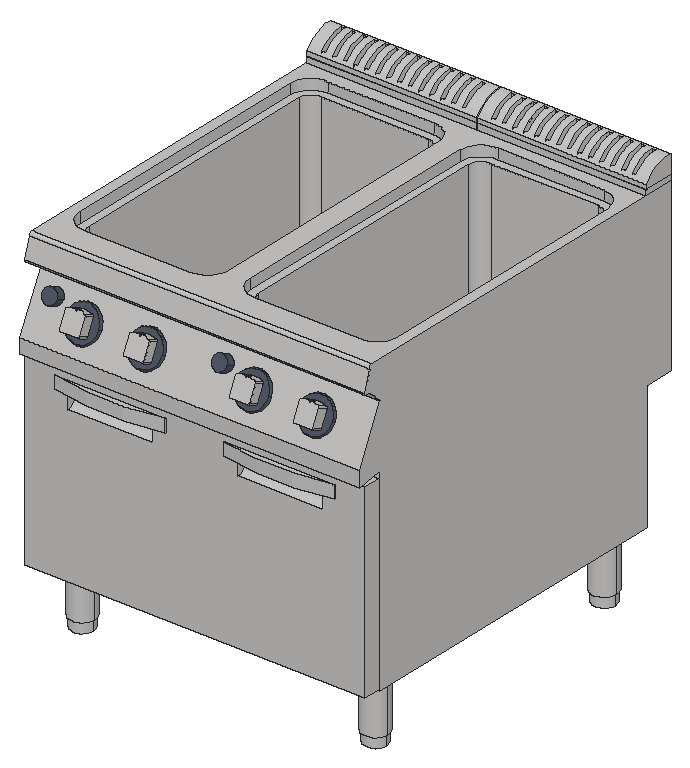
Revit family "QF_ZANUSSI_392112_Z9PCGH2MF0", category Specialty Equipment, Revit 2018
Family settings
  Round Connector Dimension = Use Diameter
  Part Type = Normal
  Work Plane-Based = No
  Always vertical = Yes
  Cut with Voids When Loaded = No
  Shared = No
  Room Calculation Point = No
Parameters
  Width = 800 mm  # constant formula
  Weight in Pounds = 115  # constant formula
  Weight = 0.00 kg
  Watts = 0 W
  Waste Water Discharge Temperature [instance] = -459.67 °F
  Volts = 0 V
  URL Manufacturer = "http://www.zanussiprofessional.com"
  URL Cutsheet = "www.electrolux.com/foodservice"
  URL = "http://www.zanussiprofessional.com"
  Type Mark [instance] = ""
  Steam Supply Size = 0"
  Steam Supply Minimum Pressure = 0.00 psi
  Steam Supply Maximum Pressure = 0.00 psi
  Steam Pounds per Hour = 0
  Status [instance] = ""
  Specification by User [instance] = ""
  Specification by Manufacturer = ""
  Show Logo [instance] = yes
  Show Clearance [instance] = yes
  Serial Number = ""
  Seismic Rating = ""
  SMACNA No = ""
  Revision Code [instance] = ""
  Refrigeration Suction Line Size = 0"
  Refrigeration Liquid Line Size = 0"
  Refrigerant Compressor Remote = yes
  Plumbing Remarks [instance] = ""
  Plumbing Connection Type [instance] = ""
  Phase = 0
  Omniclass Number and Title = ""
  NAFEM Spec ID Number = ""
  Model = "Z9PCGH2MF0"
  Mechanical Remarks [instance] = ""
  Mechanical Connection Type [instance] = ""
  Masterspec = ""
  Manufacturer = "Zanussi"
  Length Actual = 800 mm  # constant formula
  Item Number [instance] = "392112"
  Installed By [instance] = ""
  Indirect Waste Size = 1"
  Indirect Waste Flow [instance] = 0 GPM
  Indirect Waste Connection Type [instance] = ""
  Indirect Waste Connection Height = 0 mm
  Identify Quantity as Lot [instance] = yes
  Hot Water Size = 0"
  Height Actual = 850 mm  # constant formula
  Height = 850 mm  # constant formula
  HP = "0 HP"
  Gas Size = 1/2"
  Gas RI Height [instance] = 0 mm
  Gas KW = 33  # constant formula
  Gas Input = 112497.0 Btu/h  # constant formula
  Gas Connection Height = 0 mm
  Furnished By [instance] = ""
  Foodservice Equipment Identifier [instance] = yes
  Direct Waste Size = 1"
  Description = "GAS PASTA COOKER 2X40 LT WELLS"
  Depth Actual = 900 mm  # constant formula
  Depth = 915 mm  # constant formula
  Cycle = 0 Hz
  Condensate Return Size = 0"
  Compressed Air Volume = 0 GPM
  Compressed Air Size = 0"
  Compressed Air Pressure = 0.00 psi
  Cold Water Temperature Recommended [instance] = -459.67 °F
  Cold Water Size = 3/4"
  Cold Water RI Height [instance] = 0 mm
  Cold Water Minimum Pressure = 0.00 psi
  Cold Water Maximum Pressure = 0.00 psi
  Cold Water Flow [instance] = 0 GPM
  Cold Water Consumption = ""
  Cold Water Connection Height = 0 mm
  CSI MasterFormat = ""
  CSI Master Format = ""
  Base Height [instance] = 150 mm  # constant formula
  Accessory = yes
Reference planes
  plane 1 "BACK": y = 0
  plane 2: z = 0
  plane 3 "LEFT": x = 0
  plane 4 "RIGHT": x = 800
  plane 5 "FRONT": y = -915
  plane 6 "TOP": z = 908
  plane 7 "Center Y": x = 400
  plane 8 "Center X": y = -457.5
  plane 9 "BASE": z = 600
  plane 10 "TOP A": z = 850
  plane 11: z = 150
  plane 12: y = -126
  plane 13: y = -800
  plane 14: y = -1273
  plane 15: x = 755
  plane 16: x = 232
  plane 17: x = 65
  plane 18: x = 737
  plane 19: x = 633
  plane 20: x = 55
  plane 21: x = 745
  plane 22: y = -900
Forms (mm)
  Extrusion 1, solid, material "QF_Finishes_Stainless Steel"
    sketch origin (0, 0, 0) x (0, 1, 0) y (0, 0, 1)
      loop
        line (0, 450.038) -> (0, 850) -> (-879.358, 850)
        arc (-879.358, 850) -> (-884.643, 847.811) -> (-886.833, 842.526) r 7.474
        line (-886.833, 842.526) -> (-899.884, 797.011)
        arc (-899.884, 797.011) -> (-899.396, 794.379) -> (-897, 793.184) r 3
        line (-897, 793.184) -> (-886.802, 793.184) -> (-854.982, 761.364) -> (-915, 640.508) -> (-915, 605.508) -> (-858.645, 613.428)
        arc (-858.645, 613.428) -> (-856.101, 612.674) -> (-855, 610.259) r 3.2
        line (-855, 610.259) -> (-855, 150) -> (-71.437, 150) -> (-71.437, 450.038) -> (0, 450.038)
      loop
        line (-900, 600) -> (-900, 155) -> (-860, 155) -> (-860, 600) -> (-900, 600)
    from 0 to 800
  Extrusion 2, solid, material "QF_Clearances", visible <- "Show Clearance", detail levels coarse
    sketch origin (0, 0, 0) x (1, 0, 0) y (0, 1, 0)
      loop
        line (0, -915) -> (0, 0) -> (800, 0) -> (800, -915) -> (950.019, -915) -> (950.019, 150.019) -> (-150.019, 150.019) -> (-150.019, -915) -> (0, -915)
    from 0 to 908
  Extrusion 3, solid, material "QF_Finishes_Stainless Steel"
    sketch origin (200, 0, 0) x (0, 1, 0) y (0, 0, 1)
      loop
        line (-71.89, 862.9) -> (-71.89, 850) -> (0, 850) -> (0, 862.9) -> (-71.89, 862.9)
    from -200 to 200
  Extrusion 4, solid, material "QF_Finishes_Stainless Steel"
    sketch origin (0, 0, 574.263) x (0, 1, 0) y (0, 0, 1)
      loop
        line (0, 288.637) -> (0, 333.737)
        arc (0, 333.737) -> (-39.584, 325.765) -> (-69.85, 299.037) r 77.853
        line (-69.85, 299.037) -> (-69.85, 288.637) -> (0, 288.637)
    from 0 to 400
  Extrusion 5, void
    sketch origin (0, 0, 848.9) x (0, -1, 0) y (1, 0, 0)
      loop
        line (6.761, 29.703) -> (63.911, 29.703) -> (63.911, 38.999) -> (6.761, 38.999) -> (6.761, 29.703)
      loop
        line (63.911, 64.487) -> (6.761, 64.487) -> (6.761, 55.191) -> (63.911, 55.191) -> (63.911, 64.487)
      loop
        line (63.911, 89.975) -> (6.761, 89.975) -> (6.761, 80.68) -> (63.911, 80.68) -> (63.911, 89.975)
      loop
        line (63.911, 115.464) -> (6.761, 115.464) -> (6.761, 106.168) -> (63.911, 106.168) -> (63.911, 115.464)
      loop
        line (63.911, 140.952) -> (6.761, 140.952) -> (6.761, 131.656) -> (63.911, 131.656) -> (63.911, 140.952)
      loop
        line (63.911, 166.44) -> (6.761, 166.44) -> (6.761, 157.145) -> (63.911, 157.145) -> (63.911, 166.44)
      loop
        line (63.911, 191.929) -> (6.761, 191.929) -> (6.761, 182.633) -> (63.911, 182.633) -> (63.911, 191.929)
      loop
        line (63.911, 217.417) -> (6.761, 217.417) -> (6.761, 208.121) -> (63.911, 208.121) -> (63.911, 217.417)
      loop
        line (63.911, 242.905) -> (6.761, 242.905) -> (6.761, 233.61) -> (63.911, 233.61) -> (63.911, 242.905)
      loop
        line (63.911, 268.394) -> (6.761, 268.394) -> (6.761, 259.098) -> (63.911, 259.098) -> (63.911, 268.394)
      loop
        line (63.911, 293.882) -> (6.761, 293.882) -> (6.761, 284.586) -> (63.911, 284.586) -> (63.911, 293.882)
      loop
        line (63.911, 319.37) -> (6.761, 319.37) -> (6.761, 310.075) -> (63.911, 310.075) -> (63.911, 319.37)
      loop
        line (63.911, 344.859) -> (6.761, 344.859) -> (6.761, 335.563) -> (63.911, 335.563) -> (63.911, 344.859)
      loop
        line (63.911, 370.347) -> (6.761, 370.347) -> (6.761, 361.051) -> (63.911, 361.051) -> (63.911, 370.347)
    from 25.4 to 63.5
  Extrusion 6, solid, material "QF_Finishes_Stainless Steel"
    sketch origin (600, 0, 0) x (0, 1, 0) y (0, 0, -1)
      loop
        line (-71.89, -862.9) -> (0, -862.9) -> (0, -850) -> (-71.89, -850) -> (-71.89, -862.9)
    from -200 to 200
  Extrusion 7, solid, material "QF_Finishes_Stainless Steel"
    sketch origin (800, 0, 574.263) x (0, 1, 0) y (0, 0, -1)
      loop
        line (0, -288.637) -> (-69.85, -288.637) -> (-69.85, -299.037)
        arc (-69.85, -299.037) -> (-39.584, -325.765) -> (0, -333.738) r 77.853
        line (0, -333.738) -> (0, -288.637)
    from 0 to 400
  Extrusion 8, void
    sketch origin (800, 0, 848.9) x (0, -1, 0) y (1, 0, 0)
      loop
        line (6.761, -29.703) -> (6.761, -38.999) -> (63.911, -38.999) -> (63.911, -29.703) -> (6.761, -29.703)
      loop
        line (63.911, -64.487) -> (63.911, -55.191) -> (6.761, -55.191) -> (6.761, -64.487) -> (63.911, -64.487)
      loop
        line (63.911, -89.975) -> (63.911, -80.68) -> (6.761, -80.68) -> (6.761, -89.975) -> (63.911, -89.975)
      loop
        line (63.911, -115.464) -> (63.911, -106.168) -> (6.761, -106.168) -> (6.761, -115.464) -> (63.911, -115.464)
      loop
        line (63.911, -140.952) -> (63.911, -131.656) -> (6.761, -131.656) -> (6.761, -140.952) -> (63.911, -140.952)
      loop
        line (63.911, -166.44) -> (63.911, -157.145) -> (6.761, -157.145) -> (6.761, -166.44) -> (63.911, -166.44)
      loop
        line (63.911, -191.929) -> (63.911, -182.633) -> (6.761, -182.633) -> (6.761, -191.929) -> (63.911, -191.929)
      loop
        line (63.911, -217.417) -> (63.911, -208.121) -> (6.761, -208.121) -> (6.761, -217.417) -> (63.911, -217.417)
      loop
        line (63.911, -242.905) -> (63.911, -233.61) -> (6.761, -233.61) -> (6.761, -242.905) -> (63.911, -242.905)
      loop
        line (63.911, -268.394) -> (63.911, -259.098) -> (6.761, -259.098) -> (6.761, -268.394) -> (63.911, -268.394)
      loop
        line (63.911, -293.882) -> (63.911, -284.586) -> (6.761, -284.586) -> (6.761, -293.882) -> (63.911, -293.882)
      loop
        line (63.911, -319.37) -> (63.911, -310.075) -> (6.761, -310.075) -> (6.761, -319.37) -> (63.911, -319.37)
      loop
        line (63.911, -344.859) -> (63.911, -335.563) -> (6.761, -335.563) -> (6.761, -344.859) -> (63.911, -344.859)
      loop
        line (63.911, -370.347) -> (63.911, -361.051) -> (6.761, -361.051) -> (6.761, -370.347) -> (63.911, -370.347)
    from 25.4 to 63.5
  Extrusion 9, void
    sketch origin (0, 0, 791) x (1, 0, 0) y (0, 1, 0)
      loop
        line (75, -800) -> (325, -800)
        arc (325, -800) -> (346.213, -791.213) -> (355, -770) r 30
        line (355, -770) -> (355, -606.643)
        arc (355, -606.643) -> (346.213, -627.856) -> (325, -636.643) r 30
        line (325, -636.643) -> (75, -636.643)
        arc (75, -636.643) -> (53.787, -627.856) -> (45, -606.643) r 30
        line (45, -606.643) -> (45, -770)
        arc (45, -770) -> (53.787, -791.213) -> (75, -800) r 30
    from 35 to -189.237
  Extrusion 10, void
    sketch origin (0, 0, 791) x (0, 1, 0) y (-1, 0, 0)
      loop
        arc (-121.89, -75) -> (-130.677, -53.787) -> (-151.89, -45) r 30
        line (-151.89, -45) -> (-606.643, -45)
        arc (-606.643, -45) -> (-627.856, -53.787) -> (-636.643, -75) r 30
        line (-636.643, -75) -> (-636.643, -325)
        arc (-636.643, -325) -> (-627.856, -346.213) -> (-606.643, -355) r 30
        line (-606.643, -355) -> (-151.89, -355)
        arc (-151.89, -355) -> (-130.677, -346.213) -> (-121.89, -325) r 30
        line (-121.89, -325) -> (-121.89, -75)
    from 35 to -339.237
  Extrusion 11, solid, material "QF_Finishes_Stainless Steel"
    sketch origin (0, 0, 0) x (1, 0, 0) y (0, 1, 0)
      loop
        circle (232, -780) r 12.7
    from 176 to 292.788
  Extrusion 12, solid, material "QF_Finishes_Stainless Steel"
    sketch origin (-72.372, 89.372, 0) x (1, 0, 0) y (0, 1, 0)
      loop
        circle (137.372, -792.372) r 6.35
    from 190 to 292.788
  Extrusion 13, solid, material "QF_Finishes_Stainless Steel"
    sketch origin (552.628, 92.372, 0) x (1, 0, 0) y (0, 1, 0)
      loop
        circle (184.372, -792.372) r 9.525
    from 200 to 331.575
  Extrusion 14, solid, material "QF_Finishes_Stainless Steel"
    sketch origin (800, 0, 0) x (-1, 0, 0) y (0, -1, 0)
      loop
        circle (167, 780) r 12.7
    from 176 to 292.788
  Extrusion 15, void
    sketch origin (0, 0, 851) x (-1, 0, 0) y (0, -1, 0)
      loop
        arc (-75, 101.89) -> (-39.645, 116.535) -> (-25, 151.89) r 50
        line (-25, 151.89) -> (-25, 770)
        arc (-25, 770) -> (-39.645, 805.355) -> (-75, 820) r 50
        line (-75, 820) -> (-325, 820)
        arc (-325, 820) -> (-360.355, 805.355) -> (-375, 770) r 50
        line (-375, 770) -> (-375, 151.89)
        arc (-375, 151.89) -> (-360.355, 116.535) -> (-325, 101.89) r 50
        line (-325, 101.89) -> (-75, 101.89)
    from 0 to -25
  Revolve 16, solid, material "QF_Finishes_Stainless Steel"
    sketch origin (-1, -126, 608.09) x (0, 0, 1) y (-1, 0, 0)
      loop
        line (-608.09, -56) -> (-458.09, -56) -> (-458.09, -26) -> (-583.09, -26) -> (-583.09, -29.75) -> (-608.09, -29.75) -> (-608.09, -56)
      axis (-608.09, -56) -> (-458.09, -56)
    angle from 0 to 360
  Revolve 17, solid, material "QF_Finishes_Stainless Steel"
    sketch origin (-1, -800, 608.09) x (0, 0, 1) y (1, 0, 0)
      loop
        line (-608.09, 56) -> (-608.09, 29.75) -> (-583.09, 29.75) -> (-583.09, 26) -> (-458.09, 26) -> (-458.09, 56) -> (-608.09, 56)
      axis (-608.09, 56) -> (-458.09, 56)
    angle from 0 to 360
  Revolve 18, solid, material "QF_Finishes_Stainless Steel"
    sketch origin (801, -126, 608.09) x (0, 0, 1) y (-1, 0, 0)
      loop
        line (-608.09, 56) -> (-608.09, 29.75) -> (-583.09, 29.75) -> (-583.09, 26) -> (-458.09, 26) -> (-458.09, 56) -> (-608.09, 56)
      axis (-608.09, 56) -> (-458.09, 56)
    angle from 0 to 360
  Revolve 19, solid, material "QF_Finishes_Stainless Steel"
    sketch origin (801, -800, 608.09) x (0, 0, 1) y (1, 0, 0)
      loop
        line (-608.09, -56) -> (-458.09, -56) -> (-458.09, -26) -> (-583.09, -26) -> (-583.09, -29.75) -> (-608.09, -29.75) -> (-608.09, -56)
      axis (-608.09, -56) -> (-458.09, -56)
    angle from 0 to 360
  Extrusion 20, solid, material "QF_Plastic-Black-Matte"
    sketch origin (67.5, -884.991, 700.936) x (0, 0.439631, 0.898178) y (0, 0.898178, -0.439631)
      loop
        line (26.984, -34) -> (23.984, -34) -> (23.984, -35) -> (26.984, -35)
        arc (26.984, -35) -> (27.691, -34.707) -> (27.984, -34) r 1
        line (27.984, -34) -> (27.984, -19) -> (26.984, -19) -> (26.984, -34)
    from -58.5 to -56.5
  Extrusion 21, solid, material "QF_Finishes_Stainless Steel"
    sketch origin (125, -884.991, 700.936) x (-1, 0, 0) y (0, -0.439631, -0.898178)
      loop
        line (17.5, -17.5) -> (17.5, 17.5) -> (-17.5, 17.5) -> (-17.5, -17.5) -> (17.5, -17.5)
    from 5 to 10
  Extrusion 22, solid, material "QF_Finishes_Stainless Steel"
    sketch origin (125, -884.991, 700.936) x (-1, 0, 0) y (0, -0.439631, -0.898178)
      loop
        arc (-21.147, -22.789) -> (0, -26.984) -> (21.147, -22.789) r 55.4
        arc (21.147, -22.789) -> (22.494, -21.685) -> (23, -20.019) r 2.997
        line (23, -20.019) -> (23, 20.019)
        arc (23, 20.019) -> (22.122, 22.138) -> (20.003, 23.016) r 2.997
        line (20.003, 23.016) -> (-20.003, 23.016)
        arc (-20.003, 23.016) -> (-22.122, 22.138) -> (-23, 20.019) r 2.997
        line (-23, 20.019) -> (-23, -20.019)
        arc (-23, -20.019) -> (-22.494, -21.685) -> (-21.147, -22.789) r 2.997
    from 10 to 34
  Blend 23, solid, material "QF_Finishes_Navy Blue"
    base sketch origin (125, -884.991, 700.936) x (1, 0, 0) y (0, 0.439631, 0.898178)
      loop
        circle (0, 0) r 42.5
    top sketch origin (125, -884.991, 700.936) x (1, 0, 0) y (0, 0.439631, 0.898178)
      loop
        circle (0, 0) r 40.5
    from 0 to 5
  Extrusion 24, solid, material "QF_Finishes_Navy Blue"
    sketch origin (107.51, -872.359, 726.743) x (1, 0, 0) y (0, 0.439631, 0.898178)
      loop
        circle (-55.001, 0) r 18
    from 3 to 23
  Extrusion 25, solid, material "QF_Finishes_Stainless Steel"
    sketch origin (-31.491, -872.359, 726.743) x (1, 0, 0) y (0, 0.439631, 0.898178)
      loop
        circle (84, 0) r 15
    from 3 to 0
  Extrusion 26, solid, material "QF_Plastic-Black-Matte"
    sketch origin (217.5, -884.991, 700.936) x (0, 0.439631, 0.898178) y (0, 0.898178, -0.439631)
      loop
        line (26.984, -34) -> (23.984, -34) -> (23.984, -35) -> (26.984, -35)
        arc (26.984, -35) -> (27.691, -34.707) -> (27.984, -34) r 1
        line (27.984, -34) -> (27.984, -19) -> (26.984, -19) -> (26.984, -34)
    from -58.5 to -56.5
  Extrusion 27, solid, material "QF_Finishes_Stainless Steel"
    sketch origin (275, -884.991, 700.936) x (-1, 0, 0) y (0, -0.439631, -0.898178)
      loop
        line (17.5, -17.5) -> (17.5, 17.5) -> (-17.5, 17.5) -> (-17.5, -17.5) -> (17.5, -17.5)
    from 5 to 10
  Extrusion 28, solid, material "QF_Finishes_Stainless Steel"
    sketch origin (275, -884.991, 700.936) x (-1, 0, 0) y (0, -0.439631, -0.898178)
      loop
        arc (-21.147, -22.789) -> (0, -26.984) -> (21.147, -22.789) r 55.4
        arc (21.147, -22.789) -> (22.494, -21.685) -> (23, -20.019) r 2.997
        line (23, -20.019) -> (23, 20.019)
        arc (23, 20.019) -> (22.122, 22.138) -> (20.003, 23.016) r 2.997
        line (20.003, 23.016) -> (-20.003, 23.016)
        arc (-20.003, 23.016) -> (-22.122, 22.138) -> (-23, 20.019) r 2.997
        line (-23, 20.019) -> (-23, -20.019)
        arc (-23, -20.019) -> (-22.494, -21.685) -> (-21.147, -22.789) r 2.997
    from 10 to 34
  Blend 29, solid, material "QF_Finishes_Navy Blue"
    base sketch origin (275, -884.991, 700.936) x (1, 0, 0) y (0, 0.439631, 0.898178)
      loop
        circle (0, 0) r 42.5
    top sketch origin (275, -884.991, 700.936) x (1, 0, 0) y (0, 0.439631, 0.898178)
      loop
        circle (0, 0) r 40.5
    from 0 to 5
  Extrusion 30, solid, material "QF_Plastic-Black-Matte"
    sketch origin (467.5, -884.991, 700.936) x (0, 0.439631, 0.898178) y (0, 0.898178, -0.439631)
      loop
        line (26.984, -34) -> (23.984, -34) -> (23.984, -35) -> (26.984, -35)
        arc (26.984, -35) -> (27.691, -34.707) -> (27.984, -34) r 1
        line (27.984, -34) -> (27.984, -19) -> (26.984, -19) -> (26.984, -34)
    from -58.5 to -56.5
  Extrusion 31, solid, material "QF_Finishes_Stainless Steel"
    sketch origin (525, -884.991, 700.936) x (-1, 0, 0) y (0, -0.439631, -0.898178)
      loop
        line (17.5, -17.5) -> (17.5, 17.5) -> (-17.5, 17.5) -> (-17.5, -17.5) -> (17.5, -17.5)
    from 5 to 10
  Extrusion 32, solid, material "QF_Finishes_Stainless Steel"
    sketch origin (525, -884.991, 700.936) x (-1, 0, 0) y (0, -0.439631, -0.898178)
      loop
        arc (-21.147, -22.789) -> (0, -26.984) -> (21.147, -22.789) r 55.4
        arc (21.147, -22.789) -> (22.494, -21.685) -> (23, -20.019) r 2.997
        line (23, -20.019) -> (23, 20.019)
        arc (23, 20.019) -> (22.122, 22.138) -> (20.003, 23.016) r 2.997
        line (20.003, 23.016) -> (-20.003, 23.016)
        arc (-20.003, 23.016) -> (-22.122, 22.138) -> (-23, 20.019) r 2.997
        line (-23, 20.019) -> (-23, -20.019)
        arc (-23, -20.019) -> (-22.494, -21.685) -> (-21.147, -22.789) r 2.997
    from 10 to 34
  Blend 33, solid, material "QF_Finishes_Navy Blue"
    base sketch origin (525, -884.991, 700.936) x (1, 0, 0) y (0, 0.439631, 0.898178)
      loop
        circle (0, 0) r 42.5
    top sketch origin (525, -884.991, 700.936) x (1, 0, 0) y (0, 0.439631, 0.898178)
      loop
        circle (0, 0) r 40.5
    from 0 to 5
  Extrusion 34, solid, material "QF_Plastic-Black-Matte"
    sketch origin (617.5, -884.991, 700.936) x (0, 0.439631, 0.898178) y (0, 0.898178, -0.439631)
      loop
        line (26.984, -34) -> (23.984, -34) -> (23.984, -35) -> (26.984, -35)
        arc (26.984, -35) -> (27.691, -34.707) -> (27.984, -34) r 1
        line (27.984, -34) -> (27.984, -19) -> (26.984, -19) -> (26.984, -34)
    from -58.5 to -56.5
  Extrusion 35, solid, material "QF_Finishes_Stainless Steel"
    sketch origin (675, -884.991, 700.936) x (-1, 0, 0) y (0, -0.439631, -0.898178)
      loop
        line (17.5, -17.5) -> (17.5, 17.5) -> (-17.5, 17.5) -> (-17.5, -17.5) -> (17.5, -17.5)
    from 5 to 10
  Extrusion 36, solid, material "QF_Finishes_Stainless Steel"
    sketch origin (675, -884.991, 700.936) x (-1, 0, 0) y (0, -0.439631, -0.898178)
      loop
        arc (-21.147, -22.789) -> (0, -26.984) -> (21.147, -22.789) r 55.4
        arc (21.147, -22.789) -> (22.494, -21.685) -> (23, -20.019) r 2.997
        line (23, -20.019) -> (23, 20.019)
        arc (23, 20.019) -> (22.122, 22.138) -> (20.003, 23.016) r 2.997
        line (20.003, 23.016) -> (-20.003, 23.016)
        arc (-20.003, 23.016) -> (-22.122, 22.138) -> (-23, 20.019) r 2.997
        line (-23, 20.019) -> (-23, -20.019)
        arc (-23, -20.019) -> (-22.494, -21.685) -> (-21.147, -22.789) r 2.997
    from 10 to 34
  Blend 37, solid, material "QF_Finishes_Navy Blue"
    base sketch origin (675, -884.991, 700.936) x (1, 0, 0) y (0, 0.439631, 0.898178)
      loop
        circle (0, 0) r 42.5
    top sketch origin (675, -884.991, 700.936) x (1, 0, 0) y (0, 0.439631, 0.898178)
      loop
        circle (0, 0) r 40.5
    from 0 to 5
  Extrusion 38, solid, material "QF_Finishes_Navy Blue"
    sketch origin (507.51, -872.359, 726.743) x (1, 0, 0) y (0, 0.439631, 0.898178)
      loop
        circle (-55.001, 0) r 18
    from 3 to 23
  Extrusion 39, solid, material "QF_Finishes_Stainless Steel"
    sketch origin (368.509, -872.359, 726.743) x (1, 0, 0) y (0, 0.439631, 0.898178)
      loop
        circle (84, 0) r 15
    from 3 to 0
  Extrusion 40, void
    sketch origin (200, -227.863, 0) x (0, 1, 0) y (0, 0, 1)
      loop
        line (-672.137, 567) -> (-672.137, 517)
        arc (-672.137, 517) -> (-656.47, 524.721) -> (-650.137, 541) r 24.091
        line (-650.137, 541) -> (-650.137, 567) -> (-672.137, 567)
    from -100 to 100
  Extrusion 41, solid, material "QF_Finishes_Stainless Steel"
    sketch origin (-77.88, -4772, 150) x (-1, 0, 0) y (0, -1, 0)
      loop
        arc (-147.606, -3871.085) -> (-277.88, -3857) -> (-408.153, -3871.085) r 609.497
        line (-408.153, -3871.085) -> (-408.153, -3872) -> (-147.606, -3872) -> (-147.606, -3871.085)
    from 400 to 430
  Extrusion 42, void
    sketch origin (600, -227.863, 0) x (0, 1, 0) y (0, 0, 1)
      loop
        line (-672.137, 567) -> (-672.137, 517)
        arc (-672.137, 517) -> (-656.47, 524.721) -> (-650.137, 541) r 24.091
        line (-650.137, 541) -> (-650.137, 567) -> (-672.137, 567)
    from -100 to 100
  Extrusion 43, solid, material "QF_Finishes_Stainless Steel"
    sketch origin (322.12, -4772, 150) x (-1, 0, 0) y (0, -1, 0)
      loop
        arc (-147.606, -3871.085) -> (-277.88, -3857) -> (-408.153, -3871.085) r 609.497
        line (-408.153, -3871.085) -> (-408.153, -3872) -> (-147.606, -3872) -> (-147.606, -3871.085)
    from 400 to 430
  Extrusion 44, solid, material "QF_Finishes_Door Clearance", visible <- "Show Clearance", detail levels coarse
    sketch origin (0, -200, 850) x (-1, 0, 0) y (0, -1, 0)
      loop
        arc (0, 1073) -> (-280.596, 964.46) -> (-397.87, 687.4) r 385.701
        line (-397.87, 687.4) -> (0, 687.4) -> (0, 1073)
      loop
        line (-800, 1073) -> (-800, 687.4) -> (-402.13, 687.4)
        arc (-402.13, 687.4) -> (-519.404, 964.46) -> (-800, 1073) r 385.701
    from -695 to -250
  Extrusion 45, void
    sketch origin (800, 0, 791) x (-1, 0, 0) y (0, -1, 0)
      loop
        arc (75, 800) -> (53.787, 791.213) -> (45, 770) r 30
        line (45, 770) -> (45, 606.643)
        arc (45, 606.643) -> (53.787, 627.856) -> (75, 636.643) r 30
        line (75, 636.643) -> (325, 636.643)
        arc (325, 636.643) -> (346.213, 627.856) -> (355, 606.643) r 30
        line (355, 606.643) -> (355, 770)
        arc (355, 770) -> (346.213, 791.213) -> (325, 800) r 30
        line (325, 800) -> (75, 800)
    from 35 to -189.237
  Extrusion 46, void
    sketch origin (800, 0, 791) x (0, -1, 0) y (1, 0, 0)
      loop
        line (121.89, -75) -> (121.89, -325)
        arc (121.89, -325) -> (130.677, -346.213) -> (151.89, -355) r 30
        line (151.89, -355) -> (606.643, -355)
        arc (606.643, -355) -> (627.856, -346.213) -> (636.643, -325) r 30
        line (636.643, -325) -> (636.643, -75)
        arc (636.643, -75) -> (627.856, -53.787) -> (606.643, -45) r 30
        line (606.643, -45) -> (151.89, -45)
        arc (151.89, -45) -> (130.677, -53.787) -> (121.89, -75) r 30
    from 35 to -339.237
  Extrusion 47, void
    sketch origin (800, 0, 851) x (1, 0, 0) y (0, 1, 0)
      loop
        line (-75, -101.89) -> (-325, -101.89)
        arc (-325, -101.89) -> (-360.355, -116.535) -> (-375, -151.89) r 50
        line (-375, -151.89) -> (-375, -770)
        arc (-375, -770) -> (-360.355, -805.355) -> (-325, -820) r 50
        line (-325, -820) -> (-75, -820)
        arc (-75, -820) -> (-39.645, -805.355) -> (-25, -770) r 50
        line (-25, -770) -> (-25, -151.89)
        arc (-25, -151.89) -> (-39.645, -116.535) -> (-75, -101.89) r 50
    from 0 to -25
Cuts and joins
  Extrusion 9, Extrusion 10, Extrusion 15, Extrusion 40, Extrusion 42, Extrusion 45, Extrusion 46, Extrusion 47 cuts Extrusion 1
  Extrusion 5, Extrusion 8 cuts Extrusion 4
  Extrusion 8 cuts Extrusion 7
Lines and regions (mm)
  Split face 1
    outline origin (125, -889.482, 703.134) x (1, 0, 0) y (0, 0.439631, 0.898178)
      loop
        circle (0, 34.714) r 1.714
  Split face 2
    outline origin (125, -889.482, 703.134) x (1, 0, 0) y (0, 0.439631, 0.898178)
      loop
        circle (-17.357, 30.063) r 2
  Split face 3
    outline origin (125, -889.482, 703.134) x (1, 0, 0) y (0, 0.439631, 0.898178)
      loop
        circle (17.357, 30.063) r 2
  Split face 4
    outline origin (125, -889.482, 703.134) x (1, 0, 0) y (0, 0.439631, 0.898178)
      loop
        line (-23.985, -28.584) -> (-20.542, -24.481)
        arc (-20.542, -24.481) -> (-27.511, -15.911) -> (-31.231, -5.511) r 32.719
        line (-31.231, -5.511) -> (-37.141, -6.549)
        arc (-37.141, -6.549) -> (-32.568, -18.764) -> (-23.985, -28.584) r 36.411
  Split face 5
    outline origin (125, -889.482, 703.134) x (1, 0, 0) y (0, 0.439631, 0.898178)
      loop
        arc (20.441, -26.163) -> (0.211, -32.559) -> (-19.689, -25.201) r 32.719
        line (-19.689, -25.201) -> (-22.952, -29.377)
        arc (-22.952, -29.377) -> (-0.277, -36.495) -> (21.959, -28.107) r 36.411
        line (21.959, -28.107) -> (20.441, -26.163)
  Split face 6
    outline origin (125, -889.482, 703.134) x (1, 0, 0) y (0, 0.439631, 0.898178)
      loop
        line (21.361, -25.457) -> (22.903, -27.295)
        arc (22.903, -27.295) -> (31.935, -14.958) -> (35.104, 0) r 36.411
        line (35.104, 0) -> (33.714, 0)
        arc (33.714, 0) -> (30.431, -14.133) -> (21.361, -25.457) r 32.719
  Split face 7
    outline origin (125, -889.482, 703.134) x (1, 0, 0) y (0, 0.439631, 0.898178)
      loop
        arc (-37.695, 1.149) -> (-34.899, -3.19) -> (-31.619, 0.795) r 3.195
        line (-31.619, 0.795) -> (-32.379, 3.751)
        arc (-32.379, 3.751) -> (-34.462, 5.448) -> (-36.693, 3.952) r 2.258
        line (-36.693, 3.952) -> (-37.695, 1.149)
  Split face 8
    outline origin (275, -889.482, 703.134) x (1, 0, 0) y (0, 0.439631, 0.898178)
      loop
        arc (-0.521, 36.501) -> (-26.491, 26.394) -> (-37.708, 0.884) r 36.411
        line (-37.708, 0.884) -> (-31.708, 0.884)
        arc (-31.708, 0.884) -> (-21.998, 23.844) -> (-0.521, 36.501) r 39.733
  Split face 9
    outline origin (525, -889.482, 703.134) x (1, 0, 0) y (0, 0.439631, 0.898178)
      loop
        circle (0, 34.714) r 1.714
  Split face 10
    outline origin (525, -889.482, 703.134) x (1, 0, 0) y (0, 0.439631, 0.898178)
      loop
        circle (-17.357, 30.063) r 2
  Split face 11
    outline origin (525, -889.482, 703.134) x (1, 0, 0) y (0, 0.439631, 0.898178)
      loop
        circle (17.357, 30.063) r 2
  Split face 12
    outline origin (525, -889.482, 703.134) x (1, 0, 0) y (0, 0.439631, 0.898178)
      loop
        line (-23.985, -28.584) -> (-20.542, -24.481)
        arc (-20.542, -24.481) -> (-27.511, -15.911) -> (-31.231, -5.511) r 32.719
        line (-31.231, -5.511) -> (-37.141, -6.549)
        arc (-37.141, -6.549) -> (-32.568, -18.764) -> (-23.985, -28.584) r 36.411
  Split face 13
    outline origin (525, -889.482, 703.134) x (1, 0, 0) y (0, 0.439631, 0.898178)
      loop
        arc (20.441, -26.163) -> (0.211, -32.559) -> (-19.689, -25.201) r 32.719
        line (-19.689, -25.201) -> (-22.952, -29.377)
        arc (-22.952, -29.377) -> (-0.277, -36.495) -> (21.959, -28.107) r 36.411
        line (21.959, -28.107) -> (20.441, -26.163)
  Split face 14
    outline origin (525, -889.482, 703.134) x (1, 0, 0) y (0, 0.439631, 0.898178)
      loop
        line (21.361, -25.457) -> (22.903, -27.295)
        arc (22.903, -27.295) -> (31.935, -14.958) -> (35.104, 0) r 36.411
        line (35.104, 0) -> (33.714, 0)
        arc (33.714, 0) -> (30.431, -14.133) -> (21.361, -25.457) r 32.719
  Split face 15
    outline origin (525, -889.482, 703.134) x (1, 0, 0) y (0, 0.439631, 0.898178)
      loop
        arc (-37.695, 1.149) -> (-34.899, -3.19) -> (-31.619, 0.795) r 3.195
        line (-31.619, 0.795) -> (-32.379, 3.751)
        arc (-32.379, 3.751) -> (-34.462, 5.448) -> (-36.693, 3.952) r 2.258
        line (-36.693, 3.952) -> (-37.695, 1.149)
  Split face 16
    outline origin (675, -889.482, 703.134) x (1, 0, 0) y (0, 0.439631, 0.898178)
      loop
        arc (-0.521, 36.501) -> (-26.491, 26.394) -> (-37.708, 0.884) r 36.411
        line (-37.708, 0.884) -> (-31.708, 0.884)
        arc (-31.708, 0.884) -> (-21.998, 23.844) -> (-0.521, 36.501) r 39.733
  symbolic lines, style "QF_Clearances", visible <- "Show Clearance", detail levels coarse
    curve 1: line (-150.019, 150.019, 850) -> (-150.019, -916.377, 850)
    curve 2: line (950.019, 150.019, 850) -> (-150.019, 150.019, 850)
    curve 6: line (950.019, 150.019, 850) -> (950.019, -916.377, 850)
  symbolic lines
    curve 3: line (0, -915, 850) -> (0, 0, 850)
    curve 4: line (0, -71.89, 850) -> (400, -71.89, 850)
    curve 5: line (0, 0, 850) -> (400, 0, 850)
    curve 7: line (800, -915.439, 850) -> (800, 0, 850)
    curve 8: line (800, -71.89, 850) -> (400, -71.89, 850)
    curve 9: line (800, 0, 850) -> (400, 0, 850)
    curve 12: line (38.999, -63.911, 850) -> (29.703, -63.911, 850)
    curve 13: line (38.999, -6.761, 850) -> (38.999, -63.911, 850)
    curve 14: line (29.703, -6.761, 850) -> (38.999, -6.761, 850)
    curve 15: line (29.703, -63.911, 850) -> (29.703, -6.761, 850)
    curve 16: line (64.487, -63.911, 850) -> (55.191, -63.911, 850)
    curve 17: line (64.487, -6.761, 850) -> (64.487, -63.911, 850)
    curve 18: line (55.191, -6.761, 850) -> (64.487, -6.761, 850)
    curve 19: line (55.191, -63.911, 850) -> (55.191, -6.761, 850)
    curve 20: line (89.975, -63.911, 850) -> (80.68, -63.911, 850)
    curve 21: line (89.975, -6.761, 850) -> (89.975, -63.911, 850)
    curve 22: line (80.68, -6.761, 850) -> (89.975, -6.761, 850)
    curve 23: line (80.68, -63.911, 850) -> (80.68, -6.761, 850)
    curve 24: line (115.464, -63.911, 850) -> (106.168, -63.911, 850)
    curve 25: line (115.464, -6.761, 850) -> (115.464, -63.911, 850)
    curve 26: line (106.168, -6.761, 850) -> (115.464, -6.761, 850)
    curve 27: line (106.168, -63.911, 850) -> (106.168, -6.761, 850)
    curve 28: line (140.952, -63.911, 850) -> (131.656, -63.911, 850)
    curve 29: line (140.952, -6.761, 850) -> (140.952, -63.911, 850)
    curve 30: line (131.656, -6.761, 850) -> (140.952, -6.761, 850)
    curve 31: line (131.656, -63.911, 850) -> (131.656, -6.761, 850)
    curve 32: line (166.44, -63.911, 850) -> (157.145, -63.911, 850)
    curve 33: line (166.44, -6.761, 850) -> (166.44, -63.911, 850)
    curve 34: line (157.145, -6.761, 850) -> (166.44, -6.761, 850)
    curve 35: line (157.145, -63.911, 850) -> (157.145, -6.761, 850)
    curve 36: line (191.929, -63.911, 850) -> (182.633, -63.911, 850)
    curve 37: line (191.929, -6.761, 850) -> (191.929, -63.911, 850)
    curve 38: line (182.633, -6.761, 850) -> (191.929, -6.761, 850)
    curve 39: line (182.633, -63.911, 850) -> (182.633, -6.761, 850)
    curve 40: line (217.417, -63.911, 850) -> (208.121, -63.911, 850)
    curve 41: line (217.417, -6.761, 850) -> (217.417, -63.911, 850)
    curve 42: line (208.121, -6.761, 850) -> (217.417, -6.761, 850)
    curve 43: line (208.121, -63.911, 850) -> (208.121, -6.761, 850)
    curve 44: line (242.905, -63.911, 850) -> (233.61, -63.911, 850)
    curve 45: line (242.905, -6.761, 850) -> (242.905, -63.911, 850)
    curve 46: line (233.61, -6.761, 850) -> (242.905, -6.761, 850)
    curve 47: line (233.61, -63.911, 850) -> (233.61, -6.761, 850)
    curve 48: line (268.394, -63.911, 850) -> (259.098, -63.911, 850)
    curve 49: line (268.394, -6.761, 850) -> (268.394, -63.911, 850)
    curve 50: line (259.098, -6.761, 850) -> (268.394, -6.761, 850)
    curve 51: line (259.098, -63.911, 850) -> (259.098, -6.761, 850)
    curve 52: line (293.882, -63.911, 850) -> (284.586, -63.911, 850)
    curve 53: line (293.882, -6.761, 850) -> (293.882, -63.911, 850)
    curve 54: line (284.586, -6.761, 850) -> (293.882, -6.761, 850)
    curve 55: line (284.586, -63.911, 850) -> (284.586, -6.761, 850)
    curve 56: line (319.37, -63.911, 850) -> (310.075, -63.911, 850)
    curve 57: line (319.37, -6.761, 850) -> (319.37, -63.911, 850)
    curve 58: line (310.075, -6.761, 850) -> (319.37, -6.761, 850)
    curve 59: line (310.075, -63.911, 850) -> (310.075, -6.761, 850)
    curve 60: line (344.859, -63.911, 850) -> (335.563, -63.911, 850)
    curve 61: line (344.859, -6.761, 850) -> (344.859, -63.911, 850)
    curve 62: line (335.563, -6.761, 850) -> (344.859, -6.761, 850)
    curve 63: line (335.563, -63.911, 850) -> (335.563, -6.761, 850)
    curve 64: line (370.347, -63.911, 850) -> (361.051, -63.911, 850)
    curve 65: line (370.347, -6.761, 850) -> (370.347, -63.911, 850)
    curve 66: line (361.051, -6.761, 850) -> (370.347, -6.761, 850)
    curve 67: line (361.051, -63.911, 850) -> (361.051, -6.761, 850)
    curve 68: line (761.001, -63.911, 850) -> (770.297, -63.911, 850)
    curve 69: line (761.001, -6.761, 850) -> (761.001, -63.911, 850)
    curve 70: line (770.297, -6.761, 850) -> (761.001, -6.761, 850)
    curve 71: line (770.297, -63.911, 850) -> (770.297, -6.761, 850)
    curve 72: line (735.513, -63.911, 850) -> (744.809, -63.911, 850)
    curve 73: line (735.513, -6.761, 850) -> (735.513, -63.911, 850)
    curve 74: line (744.809, -6.761, 850) -> (735.513, -6.761, 850)
    curve 75: line (744.809, -63.911, 850) -> (744.809, -6.761, 850)
    curve 76: line (710.025, -63.911, 850) -> (719.32, -63.911, 850)
    curve 77: line (710.025, -6.761, 850) -> (710.025, -63.911, 850)
    curve 78: line (719.32, -6.761, 850) -> (710.025, -6.761, 850)
    curve 79: line (719.32, -63.911, 850) -> (719.32, -6.761, 850)
    curve 80: line (684.536, -63.911, 850) -> (693.832, -63.911, 850)
    curve 81: line (684.536, -6.761, 850) -> (684.536, -63.911, 850)
    curve 82: line (693.832, -6.761, 850) -> (684.536, -6.761, 850)
    curve 83: line (693.832, -63.911, 850) -> (693.832, -6.761, 850)
    curve 84: line (659.048, -63.911, 850) -> (668.344, -63.911, 850)
    curve 85: line (659.048, -6.761, 850) -> (659.048, -63.911, 850)
    curve 86: line (668.344, -6.761, 850) -> (659.048, -6.761, 850)
    curve 87: line (668.344, -63.911, 850) -> (668.344, -6.761, 850)
    curve 88: line (633.56, -63.911, 850) -> (642.855, -63.911, 850)
    curve 89: line (633.56, -6.761, 850) -> (633.56, -63.911, 850)
    curve 90: line (642.855, -6.761, 850) -> (633.56, -6.761, 850)
    curve 91: line (642.855, -63.911, 850) -> (642.855, -6.761, 850)
    curve 92: line (608.071, -63.911, 850) -> (617.367, -63.911, 850)
    curve 93: line (608.071, -6.761, 850) -> (608.071, -63.911, 850)
    curve 94: line (617.367, -6.761, 850) -> (608.071, -6.761, 850)
    curve 95: line (617.367, -63.911, 850) -> (617.367, -6.761, 850)
    curve 96: line (582.583, -63.911, 850) -> (591.879, -63.911, 850)
    curve 97: line (582.583, -6.761, 850) -> (582.583, -63.911, 850)
    curve 98: line (591.879, -6.761, 850) -> (582.583, -6.761, 850)
    curve 99: line (591.879, -63.911, 850) -> (591.879, -6.761, 850)
    curve 100: line (557.095, -63.911, 850) -> (566.39, -63.911, 850)
    curve 101: line (557.095, -6.761, 850) -> (557.095, -63.911, 850)
    curve 102: line (566.39, -6.761, 850) -> (557.095, -6.761, 850)
    curve 103: line (566.39, -63.911, 850) -> (566.39, -6.761, 850)
    curve 104: line (531.606, -63.911, 850) -> (540.902, -63.911, 850)
    curve 105: line (531.606, -6.761, 850) -> (531.606, -63.911, 850)
    curve 106: line (540.902, -6.761, 850) -> (531.606, -6.761, 850)
    curve 107: line (540.902, -63.911, 850) -> (540.902, -6.761, 850)
    curve 108: line (506.118, -63.911, 850) -> (515.414, -63.911, 850)
    curve 109: line (506.118, -6.761, 850) -> (506.118, -63.911, 850)
    curve 110: line (515.414, -6.761, 850) -> (506.118, -6.761, 850)
    curve 111: line (515.414, -63.911, 850) -> (515.414, -6.761, 850)
    curve 112: line (480.63, -63.911, 850) -> (489.925, -63.911, 850)
    curve 113: line (480.63, -6.761, 850) -> (480.63, -63.911, 850)
    curve 114: line (489.925, -6.761, 850) -> (480.63, -6.761, 850)
    curve 115: line (489.925, -63.911, 850) -> (489.925, -6.761, 850)
    curve 116: line (455.141, -63.911, 850) -> (464.437, -63.911, 850)
    curve 117: line (455.141, -6.761, 850) -> (455.141, -63.911, 850)
    curve 118: line (464.437, -6.761, 850) -> (455.141, -6.761, 850)
    curve 119: line (464.437, -63.911, 850) -> (464.437, -6.761, 850)
    curve 120: line (429.653, -63.911, 850) -> (438.949, -63.911, 850)
    curve 121: line (429.653, -6.761, 850) -> (429.653, -63.911, 850)
    curve 122: line (438.949, -6.761, 850) -> (429.653, -6.761, 850)
    curve 123: line (438.949, -63.911, 850) -> (438.949, -6.761, 850)
    curve 124: line (25, -770, 850) -> (25, -151.89, 850)
    curve 125: arc (25, -151.89, 850) -> (39.645, -116.535, 850) -> (75, -101.89, 850) r 50
    curve 126: arc (325, -101.89, 850) -> (360.355, -116.535, 850) -> (375, -151.89, 850) r 50
    curve 127: line (375, -151.89, 850) -> (375, -770, 850)
    curve 128: arc (375, -770, 850) -> (360.355, -805.355, 850) -> (325, -820, 850) r 50
    curve 129: line (325, -820, 850) -> (75, -820, 850)
    curve 130: arc (75, -820, 850) -> (39.645, -805.355, 850) -> (25, -770, 850) r 50
    curve 131: line (45, -770, 850) -> (45, -151.89, 850)
    curve 132: arc (45, -151.89, 850) -> (53.787, -130.677, 850) -> (75, -121.89, 850) r 30
    curve 133: line (75, -121.89, 850) -> (325, -121.89, 850)
    curve 134: arc (325, -121.89, 850) -> (346.213, -130.677, 850) -> (355, -151.89, 850) r 30
    curve 135: line (355, -151.89, 850) -> (355, -770, 850)
    curve 136: arc (355, -770, 850) -> (346.213, -791.213, 850) -> (325, -800, 850) r 30
    curve 137: line (325, -800, 850) -> (75, -800, 850)
    curve 138: arc (75, -800, 850) -> (53.787, -791.213, 850) -> (45, -770, 850) r 30
    curve 139: line (75, -636.643, 850) -> (325, -636.643, 850)
    curve 140: arc (45, -606.643, 850) -> (53.787, -627.856, 850) -> (75, -636.643, 850) r 30
    curve 141: arc (325, -636.643, 850) -> (346.213, -627.856, 850) -> (355, -606.643, 850) r 30
    curve 142: line (425, -770, 850) -> (425, -151.89, 850)
    curve 143: arc (425, -151.89, 850) -> (439.645, -116.535, 850) -> (475, -101.89, 850) r 50
    curve 144: arc (725, -101.89, 850) -> (760.355, -116.535, 850) -> (775, -151.89, 850) r 50
    curve 145: line (775, -151.89, 850) -> (775, -770, 850)
    curve 146: arc (775, -770, 850) -> (760.355, -805.355, 850) -> (725, -820, 850) r 50
    curve 147: line (725, -820, 850) -> (475, -820, 850)
    curve 148: arc (475, -820, 850) -> (439.645, -805.355, 850) -> (425, -770, 850) r 50
    curve 149: line (445, -770, 850) -> (445, -151.89, 850)
    curve 150: arc (445, -151.89, 850) -> (453.787, -130.677, 850) -> (475, -121.89, 850) r 30
    curve 151: line (475, -121.89, 850) -> (725, -121.89, 850)
    curve 152: arc (725, -121.89, 850) -> (746.213, -130.677, 850) -> (755, -151.89, 850) r 30
    curve 153: line (755, -151.89, 850) -> (755, -770, 850)
    curve 154: arc (755, -770, 850) -> (746.213, -791.213, 850) -> (725, -800, 850) r 30
    curve 155: line (725, -800, 850) -> (475, -800, 850)
    curve 156: arc (475, -800, 850) -> (453.787, -791.213, 850) -> (445, -770, 850) r 30
    curve 157: line (475, -636.643, 850) -> (725, -636.643, 850)
    curve 158: arc (445, -606.643, 850) -> (453.787, -627.856, 850) -> (475, -636.643, 850) r 30
    curve 159: arc (725, -636.643, 850) -> (746.213, -627.856, 850) -> (755, -606.643, 850) r 30
    curve 160: line (0, -899.968, 0) -> (800, -899.968, 0)
    curve 161: line (102, -899.968, 0) -> (102, -924.314, 0)
    curve 162: arc (102, -924.314, 0) -> (102.146, -924.778, 0) -> (102.532, -925.074, 0) r 0.809
    curve 163: arc (102.532, -925.074, 0) -> (103.72, -925.555, 0) -> (104.997, -925.648, 0) r 4.127
    curve 164: arc (102, -904.26, 0) -> (96.959, -902.426, 0) -> (92.191, -899.968, 0) r 42.24
    curve 165: arc (102, -906.507, 0) -> (102.502, -905.785, 0) -> (103.299, -905.416, 0) r 1.682
    curve 166: arc (103.299, -905.416, 0) -> (113.602, -903.918, 0) -> (124, -903.409, 0) r 109.079
    curve 167: line (124, -899.968, 0) -> (124, -905.639, 0)
    curve 168: line (124, -905.639, 0) -> (126, -905.639, 0)
    curve 169: line (126, -905.639, 0) -> (126, -899.968, 0)
    curve 170: line (148, -899.968, 0) -> (148, -924.314, 0)
    curve 171: arc (148, -924.314, 0) -> (147.854, -924.778, 0) -> (147.468, -925.074, 0) r 0.809
    curve 172: arc (147.468, -925.074, 0) -> (146.28, -925.555, 0) -> (145.003, -925.648, 0) r 4.127
    curve 173: arc (148, -904.26, 0) -> (153.041, -902.426, 0) -> (157.809, -899.968, 0) r 42.24
    curve 174: arc (148, -906.507, 0) -> (147.498, -905.785, 0) -> (146.701, -905.416, 0) r 1.682
    curve 175: arc (146.701, -905.416, 0) -> (136.398, -903.918, 0) -> (126, -903.409, 0) r 109.079
    curve 176: line (104.997, -925.648, 0) -> (145.003, -925.648, 0)
    curve 177: line (298, -899.968, 0) -> (298, -924.314, 0)
    curve 178: arc (298, -924.314, 0) -> (297.854, -924.778, 0) -> (297.468, -925.074, 0) r 0.809
    curve 179: arc (297.468, -925.074, 0) -> (296.28, -925.555, 0) -> (295.003, -925.648, 0) r 4.127
    curve 180: arc (298, -904.26, 0) -> (303.041, -902.426, 0) -> (307.809, -899.968, 0) r 42.24
    curve 181: arc (298, -906.507, 0) -> (297.498, -905.785, 0) -> (296.701, -905.416, 0) r 1.682
    curve 182: arc (296.701, -905.416, 0) -> (286.398, -903.918, 0) -> (276, -903.409, 0) r 109.079
    curve 183: line (276, -899.968, 0) -> (276, -905.639, 0)
    curve 184: line (276, -905.639, 0) -> (274, -905.639, 0)
    curve 185: line (274, -905.639, 0) -> (274, -899.968, 0)
    curve 186: line (252, -899.968, 0) -> (252, -924.314, 0)
    curve 187: arc (252, -924.314, 0) -> (252.146, -924.778, 0) -> (252.532, -925.074, 0) r 0.809
    curve 188: arc (252.532, -925.074, 0) -> (253.72, -925.555, 0) -> (254.997, -925.648, 0) r 4.127
    curve 189: arc (252, -904.26, 0) -> (246.959, -902.426, 0) -> (242.191, -899.968, 0) r 42.24
    curve 190: arc (252, -906.507, 0) -> (252.502, -905.785, 0) -> (253.299, -905.416, 0) r 1.682
    curve 191: arc (253.299, -905.416, 0) -> (263.602, -903.918, 0) -> (274, -903.409, 0) r 109.079
    curve 192: line (295.003, -925.648, 0) -> (254.997, -925.648, 0)
    curve 193: line (148, -914.968, 0) -> (252, -914.968, 0)
    curve 194: line (298, -914.968, 0) -> (502, -914.968, 0)
    curve 195: line (0, -914.968, 0) -> (102, -914.968, 0)
    curve 196: line (502, -899.968, 0) -> (502, -924.314, 0)
    curve 197: arc (502, -924.314, 0) -> (502.146, -924.778, 0) -> (502.532, -925.074, 0) r 0.809
    curve 198: arc (502.532, -925.074, 0) -> (503.72, -925.555, 0) -> (504.997, -925.648, 0) r 4.127
    curve 199: arc (502, -904.26, 0) -> (496.959, -902.426, 0) -> (492.191, -899.968, 0) r 42.24
    curve 200: arc (502, -906.507, 0) -> (502.502, -905.785, 0) -> (503.299, -905.416, 0) r 1.682
    curve 201: arc (503.299, -905.416, 0) -> (513.602, -903.918, 0) -> (524, -903.409, 0) r 109.079
    curve 202: line (524, -899.968, 0) -> (524, -905.639, 0)
    curve 203: line (524, -905.639, 0) -> (526, -905.639, 0)
    curve 204: line (526, -905.639, 0) -> (526, -899.968, 0)
    curve 205: line (548, -899.968, 0) -> (548, -924.314, 0)
    curve 206: arc (548, -924.314, 0) -> (547.854, -924.778, 0) -> (547.468, -925.074, 0) r 0.809
    curve 207: arc (547.468, -925.074, 0) -> (546.28, -925.555, 0) -> (545.003, -925.648, 0) r 4.127
    curve 208: arc (548, -904.26, 0) -> (553.041, -902.426, 0) -> (557.809, -899.968, 0) r 42.24
    curve 209: arc (548, -906.507, 0) -> (547.498, -905.785, 0) -> (546.701, -905.416, 0) r 1.682
    curve 210: arc (546.701, -905.416, 0) -> (536.398, -903.918, 0) -> (526, -903.409, 0) r 109.079
    curve 211: line (504.997, -925.648, 0) -> (545.003, -925.648, 0)
    curve 212: line (698, -899.968, 0) -> (698, -924.314, 0)
    curve 213: arc (698, -924.314, 0) -> (697.854, -924.778, 0) -> (697.468, -925.074, 0) r 0.809
    curve 214: arc (697.468, -925.074, 0) -> (696.28, -925.555, 0) -> (695.003, -925.648, 0) r 4.127
    curve 215: arc (698, -904.26, 0) -> (703.041, -902.426, 0) -> (707.809, -899.968, 0) r 42.24
    curve 216: arc (698, -906.507, 0) -> (697.498, -905.785, 0) -> (696.701, -905.416, 0) r 1.682
    curve 217: arc (696.701, -905.416, 0) -> (686.398, -903.918, 0) -> (676, -903.409, 0) r 109.079
    curve 218: line (676, -899.968, 0) -> (676, -905.639, 0)
    curve 219: line (676, -905.639, 0) -> (674, -905.639, 0)
    curve 220: line (674, -905.639, 0) -> (674, -899.968, 0)
    curve 221: line (652, -899.968, 0) -> (652, -924.314, 0)
    curve 222: arc (652, -924.314, 0) -> (652.146, -924.778, 0) -> (652.532, -925.074, 0) r 0.809
    curve 223: arc (652.532, -925.074, 0) -> (653.72, -925.555, 0) -> (654.997, -925.648, 0) r 4.127
    curve 224: arc (652, -904.26, 0) -> (646.959, -902.426, 0) -> (642.191, -899.968, 0) r 42.24
    curve 225: arc (652, -906.507, 0) -> (652.502, -905.785, 0) -> (653.299, -905.416, 0) r 1.682
    curve 226: arc (653.299, -905.416, 0) -> (663.602, -903.918, 0) -> (674, -903.409, 0) r 109.079
    curve 227: line (695.003, -925.648, 0) -> (654.997, -925.648, 0)
    curve 228: line (548, -914.968, 0) -> (652, -914.968, 0)
    curve 229: line (698, -914.968, 0) -> (800, -914.968, 0)
    curve 232: line (325, -101.89, 0) -> (75, -101.89, 0)
    curve 233: line (725, -101.89, 0) -> (475, -101.89, 0)
  symbolic lines, style "QF_Door-Drawer Clearances"
    curve 10: line (469.989, -1105.99, 850) -> (800, -915.439, 850)
    curve 11: line (330.226, -1105.676, 850) -> (0, -915, 850)
    curve 230: arc (396.89, -914.968, 0) -> (376.266, -1014.764, 0) -> (330.226, -1105.676, 0) r 385.701
    curve 231: arc (403.11, -914.968, 0) -> (423.797, -1014.944, 0) -> (469.989, -1105.99, 0) r 385.701
Dimensions and locks
  equal spacing: plane 3 "LEFT", plane 7 "Center Y", plane 4 "RIGHT"
  "Width": plane 3 "LEFT" to plane 4 "RIGHT"
  equal spacing: plane 5 "FRONT", plane 8 "Center X", plane 1 "BACK"
  "Depth": plane 5 "FRONT" to plane 1 "BACK"
  plane 1 "BACK" to plane 5 "FRONT" = 915 mm
  "Base Height": plane 11 to level
  plane 11 to level = 150 mm
  plane 1 "BACK" to plane 12 = 126 mm
  plane 12 to plane 13 = 674 mm
  plane 5 "FRONT" to plane 1 "BACK" = 915 mm
  plane 4 "RIGHT" to plane 3 "LEFT" = 800 mm
  plane 5 "FRONT" to plane 14 = 358 mm
  curve 1 to plane 3 "LEFT" = 150.019 mm
  plane 4 "RIGHT" to curve 6 = 150.019 mm
  plane 1 "BACK" to curve 2 = 150.019 mm
  plane 15 to plane 4 "RIGHT" = 45 mm  (x2)
  "Height": plane 10 "TOP A" to level
  plane 6 "TOP" to level = 908 mm
  plane 3 "LEFT" to plane 17 = 65 mm
  plane 3 "LEFT" to plane 16 = 232 mm
  plane 19 to plane 4 "RIGHT" = 167 mm
  plane 18 to plane 4 "RIGHT" = 63 mm
  Extrusion 12 to plane 1 "BACK" = 703 mm
  Extrusion 11 to plane 1 "BACK" = 780 mm
  Extrusion 14 to plane 1 "BACK" = 780 mm
  Extrusion 13 to plane 1 "BACK" = 700 mm
  plane 21 to plane 4 "RIGHT" = 55 mm
  plane 20 to plane 21 = 690 mm
  plane 20 to plane 3 "LEFT" = 55 mm
  plane 1 "BACK" to Extrusion 13 = 700 mm
  plane 1 "BACK" to Extrusion 12 = 703 mm
  plane 1 "BACK" to Extrusion 11 = 780 mm
  plane 10 "TOP A" to plane 11 = 700 mm
  plane 9 "BASE" to plane 11 = 450 mm
  plane 10 "TOP A" to plane 9 "BASE" = 250 mm
  plane 22 to Extrusion 2 = 15 mm
  aligned and locked: level to plane 2
Automatic sketch dimensions
  Extrusion 1 sketch curve to plane 5 "FRONT" = 0 mm
  Extrusion 1 sketch curve to plane 9 "BASE" = 0 mm
  Extrusion 1 sketch curve to plane 10 "TOP A" = 0 mm
  Extrusion 1 sketch curve to plane 11 = 0 mm
  Extrusion 1 sketch curve to plane 1 "BACK" = 0 mm
  Extrusion 1 sketch curve to plane 5 "FRONT" = 15 mm
  Extrusion 1 sketch curve to plane 5 "FRONT" = 15.116 mm
  Extrusion 1 sketch curve to Extrusion 1 sketch curve = 2.884 mm
  Extrusion 1 sketch curve to plane 10 "TOP A" = 7.474 mm
  Extrusion 1 sketch curve to plane 5 "FRONT" = 28.167 mm
  Extrusion 1 sketch curve to Extrusion 1 sketch curve = 10.198 mm
  Extrusion 1 sketch curve to Extrusion 1 sketch curve = 40 mm
  plane 9 "BASE" to Extrusion 1 sketch curve = 13.428 mm
  Extrusion 1 sketch curve to Extrusion 1 sketch curve = 1.355 mm
  Extrusion 1 sketch curve to Extrusion 1 sketch curve = 0.445 mm
  Extrusion 1 sketch curve to Extrusion 1 sketch curve = 5 mm
  Extrusion 1 sketch curve to Extrusion 1 sketch curve = 31.82 mm
  Extrusion 1 sketch curve to plane 12 = 54.563 mm
  plane 11 to Extrusion 1 sketch curve = 5 mm
  Extrusion 1 sketch curve to plane 9 "BASE" = 149.962 mm
  plane 9 "BASE" to Extrusion 1 sketch curve = 5.508 mm
  Extrusion 1 sketch curve to Extrusion 1 sketch curve = 35 mm
  Extrusion 1 sketch curve to Extrusion 1 sketch curve = 81.162 mm
  Extrusion 1 sketch curve to Extrusion 1 sketch curve = 49.342 mm
  Extrusion 1 sketch curve to Extrusion 1 sketch curve = 3 mm
  plane 5 "FRONT" to Extrusion 2 sketch curve = 0 mm  (x2)
  plane 1 "BACK" to Extrusion 2 sketch curve = 0 mm
  Extrusion 2 sketch curve to plane 3 "LEFT" = 0 mm
  Extrusion 2 sketch curve to plane 4 "RIGHT" = 0 mm
  Extrusion 2 sketch curve to plane 3 "LEFT" = 150.019 mm
  plane 4 "RIGHT" to Extrusion 2 sketch curve = 150.019 mm
  Extrusion 2 sketch curve to plane 1 "BACK" = 150.019 mm
  Extrusion 3 sketch curve to plane 10 "TOP A" = 0 mm
  Extrusion 3 sketch curve to plane 1 "BACK" = 0 mm
  plane 10 "TOP A" to Extrusion 3 sketch curve = 12.9 mm
  Extrusion 3 sketch curve to plane 12 = 54.11 mm
  Extrusion 4 sketch curve to plane 1 "BACK" = 0 mm
  Extrusion 4 sketch curve to plane 6 "TOP" = 0 mm
  plane 1 "BACK" to Extrusion 4 sketch curve = 4.947 mm
  plane 10 "TOP A" to Extrusion 4 sketch curve = 23.3 mm
  plane 1 "BACK" to Extrusion 4 sketch curve = 69.85 mm
  plane 10 "TOP A" to Extrusion 4 sketch curve = 12.9 mm
  plane 1 "BACK" to Extrusion 5 sketch curve = 6.761 mm  (x14)
  plane 17 to Extrusion 5 sketch curve = 0.513 mm
  Extrusion 5 sketch curve to plane 16 = 1.61 mm
  plane 16 to Extrusion 5 sketch curve = 14.583 mm
  Extrusion 5 sketch curve to Extrusion 5 sketch curve = 57.15 mm
  Extrusion 5 sketch curve to Extrusion 5 sketch curve = 0 mm  (x13)
  Extrusion 5 sketch curve to plane 16 = 10.905 mm
  plane 20 to Extrusion 5 sketch curve = 0.191 mm
  Extrusion 5 sketch curve to plane 20 = 16.001 mm
  Extrusion 5 sketch curve to Extrusion 5 sketch curve = 9.296 mm  (x12)
  Extrusion 5 sketch curve to plane 17 = 15.68 mm
  Extrusion 5 sketch curve to Extrusion 5 sketch curve = 16.193 mm  (x9)
  Extrusion 6 sketch curve to plane 10 "TOP A" = 0 mm
  Extrusion 6 sketch curve to plane 1 "BACK" = 0 mm
  plane 10 "TOP A" to Extrusion 6 sketch curve = 12.9 mm
  Extrusion 6 sketch curve to plane 12 = 54.11 mm
  Extrusion 7 sketch curve to plane 1 "BACK" = 0 mm
  Extrusion 7 sketch curve to plane 6 "TOP" = 0 mm
  plane 1 "BACK" to Extrusion 7 sketch curve = 4.947 mm
  plane 10 "TOP A" to Extrusion 7 sketch curve = 23.3 mm
  plane 1 "BACK" to Extrusion 7 sketch curve = 69.85 mm
  plane 10 "TOP A" to Extrusion 7 sketch curve = 12.9 mm
  plane 1 "BACK" to Extrusion 8 sketch curve = 6.761 mm  (x14)
  plane 18 to Extrusion 8 sketch curve = 1.487 mm
  Extrusion 8 sketch curve to plane 19 = 0.56 mm
  Extrusion 8 sketch curve to Extrusion 8 sketch curve = 57.15 mm
  Extrusion 8 sketch curve to Extrusion 8 sketch curve = 0 mm  (x13)
  Extrusion 8 sketch curve to plane 15 = 6.001 mm
  plane 19 to Extrusion 8 sketch curve = 15.633 mm
  Extrusion 8 sketch curve to Extrusion 8 sketch curve = 9.296 mm  (x13)
  Extrusion 8 sketch curve to Extrusion 8 sketch curve = 16.193 mm  (x10)
  plane 21 to Extrusion 8 sketch curve = 0.191 mm
  plane 13 to Extrusion 9 sketch curve = 0 mm
  Extrusion 9 sketch curve to plane 20 = 10 mm
  Extrusion 9 sketch curve to plane 17 = 10 mm  (x2)
  Extrusion 9 sketch curve to plane 7 "Center Y" = 75 mm  (x2)
  Extrusion 9 sketch curve to Extrusion 9 sketch curve = 30 mm  (x3)
  Extrusion 9 sketch curve to Extrusion 9 sketch curve = 133.357 mm
  Extrusion 9 sketch curve to Extrusion 9 sketch curve = 0 mm  (x2)
  Extrusion 10 sketch curve to plane 13 = 163.357 mm
  Extrusion 10 sketch curve to plane 17 = 10 mm  (x2)
  Extrusion 10 sketch curve to Extrusion 10 sketch curve = 30 mm  (x2)
  plane 12 to Extrusion 10 sketch curve = 25.89 mm  (x2)
  Extrusion 10 sketch curve to plane 7 "Center Y" = 75 mm
  Extrusion 11 sketch curve to plane 16 = 0 mm
  Extrusion 11 sketch curve to plane 13 = 20 mm
  Extrusion 12 sketch curve to plane 17 = 0 mm
  Extrusion 12 sketch curve to plane 13 = 97 mm
  Extrusion 13 sketch curve to plane 18 = 0 mm
  Extrusion 13 sketch curve to plane 13 = 100 mm
  Extrusion 14 sketch curve to plane 19 = 0 mm
  Extrusion 14 sketch curve to plane 13 = 20 mm
  Extrusion 15 sketch curve to plane 7 "Center Y" = 25 mm
  plane 13 to Extrusion 15 sketch curve = 20 mm
  Extrusion 15 sketch curve to Extrusion 15 sketch curve = 50 mm  (x2)
  Extrusion 15 sketch curve to plane 12 = 24.11 mm
  Extrusion 15 sketch curve to plane 17 = 10 mm  (x2)
  plane 3 "LEFT" to Extrusion 15 sketch curve = 25 mm
  Revolve 16 sketch curve to level = 0 mm
  Revolve 16 sketch curve to plane 11 = 0 mm  (x2)
  Revolve 16 sketch curve to plane 20 = 0 mm  (x2)
  level to Revolve 16 sketch curve = 25 mm
  Revolve 16 sketch curve to plane 20 = 26.25 mm
  plane 3 "LEFT" to Revolve 16 sketch curve = 25 mm
  plane 11 to Revolve 16 sketch curve = 20 mm
  Revolve 17 sketch curve to level = 0 mm
  Revolve 17 sketch curve to plane 11 = 0 mm  (x2)
  plane 20 to Revolve 17 sketch curve = 0 mm
  Revolve 17 sketch curve to plane 20 = 0 mm
  level to Revolve 17 sketch curve = 25 mm
  Revolve 17 sketch curve to plane 20 = 26.25 mm
  plane 3 "LEFT" to Revolve 17 sketch curve = 25 mm
  plane 11 to Revolve 17 sketch curve = 20 mm
  Revolve 18 sketch curve to level = 0 mm
  Revolve 18 sketch curve to plane 11 = 0 mm  (x2)
  Revolve 18 sketch curve to plane 21 = 0 mm
  plane 21 to Revolve 18 sketch curve = 0 mm
  level to Revolve 18 sketch curve = 25 mm
  Revolve 18 sketch curve to plane 15 = 16.25 mm
  Revolve 18 sketch curve to plane 15 = 20 mm
  plane 11 to Revolve 18 sketch curve = 20 mm
  Revolve 19 sketch curve to level = 0 mm
  Revolve 19 sketch curve to plane 11 = 0 mm  (x2)
  plane 21 to Revolve 19 sketch curve = 0 mm  (x2)
  level to Revolve 19 sketch curve = 25 mm
  Revolve 19 sketch curve to plane 15 = 16.25 mm
  Revolve 19 sketch curve to plane 15 = 20 mm
  plane 11 to Revolve 19 sketch curve = 20 mm
  Extrusion 20 sketch curve to plane 5 "FRONT" = 9.117 mm
  Extrusion 20 sketch curve to plane 10 "TOP A" = 112.135 mm
  Extrusion 20 sketch curve to Extrusion 20 sketch curve = 3 mm
  Extrusion 20 sketch curve to Extrusion 20 sketch curve = 0 mm
  Extrusion 20 sketch curve to Extrusion 20 sketch curve = 1 mm  (x2)
  Extrusion 20 sketch curve to Extrusion 20 sketch curve = 15 mm
  Extrusion 21 sketch curve to plane 17 = 77.5 mm
  Extrusion 21 sketch curve to Extrusion 21 sketch curve = 35 mm  (x2)
  Extrusion 22 sketch curve to plane 17 = 83 mm
  Extrusion 22 sketch curve to Extrusion 22 sketch curve = 2.997 mm  (x3)
  Extrusion 22 sketch curve to Extrusion 22 sketch curve = 20.003 mm  (x2)
  Extrusion 22 sketch curve to plane 17 = 39.997 mm
